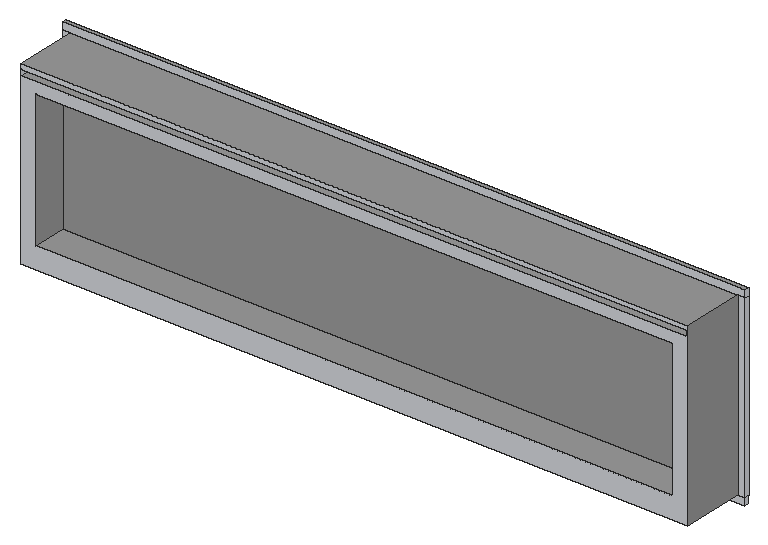
Revit family "Napoleon Entice™ 60 Electric Fireplace", category Electrical Fixtures, host Wall, Revit 2020
Family settings
  Host = Wall
  Maintain Annotation Orientation = No
  Round Connector Dimension = Use Diameter
  Part Type = Normal
  OmniClass Number = 23.80.00.00
  OmniClass Title = Electric Power and Lighting
  Always vertical = Yes
  Cut with Voids When Loaded = No
  Shared = No
  Room Calculation Point = No
Parameters
  Width = 1' - 3 11/16"
  WarrantyPeriod = 0
  WarrantyGuarantorParts = ""
  WarrantyGuarantorLabor = ""
  WarrantyDurationParts = 0
  WarrantyDurationLabor = 0
  WarrantyDescription = ""
  WarrantyContent = ""
  ThermalTransmittance = ""
  Size = ""
  Shape = ""
  Screen Width = 0' - 11 15/16"
  Screen Length = 4' - 7 3/4"
  ReplacementCost = 0
  Reference = ""
  ModelReference = ""
  ModelLabel = ""
  MaterialFrame = ""
  Material = ""
  Length = 4' - 10 7/16"
  Frame Length = 4' - 11 11/16"
  IsExternal = yes
  IsExtendedWarranty = 0
  Height = 0
  HandicapAccessible = yes
  Grade = ""
  GlobalTradeItemNumber = ""
  Frame Width = 1' - 4 15/16"
  FireRating = ""
  Finish = ""
  Features = ""
  ExpectedLife = ""
  DurabilityRating = ""
  Depth = 0' - 5 7/16"
  Default Elevation = 0' - 0"
  CreatedBy = ""
  ConstructionMethod = ""
  Color = ""
  CodePerformance = ""
  CoatingFrame = ""
  BatchReference = ""
  BarCode = 0
  AssemblyPlace = ""
  ArticleNumber = ""
  Area = 0
  AccessibilityPerformance = ""
Reference planes (in)
  plane 1: y = 0
  plane 2 "Center (Left/Right)": x = 0
  plane 3 "Back": y = 3
  plane 4 "Left": x = -29.84375
  plane 5 "Right": x = 29.84375
  plane 6 "Front": y = -5.4375
  plane 7: z = 88.09615
  plane 8: z = 71.15865
  plane 9: x = 29.21875
  plane 10: x = -29.21875
  plane 11: z = 87.47115
  plane 12: z = 71.78365
  plane 13: z = 79.6274
  plane 14: y = -5.0625
  plane 15: x = 27.875
  plane 16: x = -27.875
  plane 17: z = 73.65865
  plane 18: z = 85.59615
  plane 19: y = 5.8125
  plane 20: y = 5.4375
Forms (in)
  Extrusion 1, solid
    sketch origin (0, 3, 0) x (1, 0, 0) y (0, 0, 1)
      loop
        line (29.84375, 71.78365) -> (-29.84375, 71.78365) -> (-29.84375, 71.15865) -> (29.84375, 71.15865) -> (29.84375, 71.78365)
    from -2.8125 to -2.4375
  Extrusion 2, solid
    sketch origin (0, 3, 0) x (1, 0, 0) y (0, 0, 1)
      loop
        line (29.21875, 87.47115) -> (-29.21875, 87.47115) -> (-29.21875, 71.78365) -> (29.21875, 71.78365) -> (29.21875, 87.47115)
      loop
        line (29.13359, 87.08795) -> (-29.13281, 87.08795) -> (-29.13281, 86.53365) -> (29.13359, 86.53365) -> (29.13359, 87.08795)
      loop
        line (27.875, 85.59615) -> (-27.875, 85.59615) -> (-27.875, 73.65865) -> (27.875, 73.65865) -> (27.875, 85.59615)
    from 3 to -2.8125
  Extrusion 3, solid
    sketch origin (0, 3, 16.3125) x (1, 0, 0) y (0, 0, 1)
      loop
        line (29.84375, 71.78365) -> (-29.84375, 71.78365) -> (-29.84375, 71.15865) -> (29.84375, 71.15865) -> (29.84375, 71.78365)
    from -2.4375 to -2.8125
  Extrusion 4, solid
    sketch origin (0, 3, 0) x (1, 0, 0) y (0, 0, 1)
      loop
        line (29.84375, 87.47115) -> (29.21875, 87.47115) -> (29.21875, 71.78365) -> (29.84375, 71.78365) -> (29.84375, 87.47115)
      loop
        line (-29.21875, 87.47115) -> (-29.84375, 87.47115) -> (-29.84375, 71.78365) -> (-29.21875, 71.78365) -> (-29.21875, 87.47115)
    from -2.8125 to -2.4375
  Extrusion 5, solid
    sketch origin (0, 3, 0) x (1, 0, 0) y (0, 0, 1)
      loop
        line (27.875, 85.59615) -> (-27.875, 85.59615) -> (-27.875, 73.65865) -> (27.875, 73.65865) -> (27.875, 85.59615)
    from 0 to -2.8125
  Extrusion 6, solid
    sketch origin (0, 3, 0) x (1, 0, 0) y (0, 0, 1)
      loop
        line (29.13359, 87.08795) -> (-19.03834, 87.08795) -> (-19.03834, 86.53365) -> (29.13359, 86.53365) -> (29.13359, 87.08795)
    from -2.8125 to -2.4375
  Extrusion 7, solid
    sketch origin (0, 3, 0) x (1, 0, 0) y (0, 0, 1)
      loop
        circle (-21.94544, 86.7306) r 0.15714
    from -2.63097 to -2.4375
  Extrusion 8, solid
    sketch origin (-1.23141, 3, 0) x (1, 0, 0) y (0, 0, 1)
      loop
        circle (-21.94544, 86.7306) r 0.15714
    from -2.63097 to -2.4375
  Extrusion 9, solid
    sketch origin (-2.46283, 3, 0) x (1, 0, 0) y (0, 0, 1)
      loop
        circle (-21.94544, 86.7306) r 0.15714
    from -2.63097 to -2.4375
  Extrusion 10, solid
    sketch origin (-3.69424, 3, 0) x (1, 0, 0) y (0, 0, 1)
      loop
        circle (-21.94544, 86.7306) r 0.15714
    from -2.63097 to -2.4375
  Extrusion 11, solid
    sketch origin (-4.92566, 3, 0) x (1, 0, 0) y (0, 0, 1)
      loop
        circle (-21.94544, 86.7306) r 0.15714
    from -2.63097 to -2.4375
  Extrusion 12, solid
    sketch origin (0, 3, 0) x (1, 0, 0) y (0, 0, 1)
      loop
        line (-20.08976, 86.53365) -> (-20.08976, 86.86292) -> (-21.19544, 86.86292) -> (-21.19544, 86.53365) -> (-20.08976, 86.53365)
    from -2.63097 to -2.4375
  Extrusion 13, solid
    sketch origin (-48.17193, 3, 0) x (1, 0, 0) y (0, 0, 1)
      loop
        line (29.13359, 87.08795) -> (19.03912, 87.08795) -> (19.03912, 86.53365) -> (29.13359, 86.53365) -> (29.13359, 87.08795)
    from -2.4756 to -2.4375
Text (in)
  text "Placement Side" at (0, 40.15149, 123.01588), in view "Right"
  text "Placement Side" at (-67.42492, 19.31025, 0), in view "Ref. Level"
  text "Placement Side" at (0, 83.56746, 140.59947), in view "Left"
Dimensions and locks (in)
  locked: plane 3 "Back" to host wall
  "Frame Length": plane 5 "Right" to plane 4 "Left"
  equal spacing: plane 5 "Right", plane 2 "Center (Left/Right)", plane 4 "Left"
  "Frame Width": plane 8 to plane 7
  "Length": plane 10 to plane 9
  equal spacing: plane 10, plane 2 "Center (Left/Right)", plane 9
  Extrusion 1 to plane 9 = 0' - 0 5/8"
  "Width": plane 12 to plane 11
  equal spacing: plane 12, plane 13, plane 11
  plane 14 to plane 1 = 0' - 5 1/16"
  equal spacing: plane 15, plane 2 "Center (Left/Right)", plane 16
  "Screen Length": plane 15 to plane 16
  equal spacing: plane 17, plane 13, plane 18
  "Screen Width": plane 17 to plane 18
  "Depth": plane 1 to plane 20
  aligned and locked: plane 5 "Right" to Extrusion 1 sketch curve
  aligned and locked: Extrusion 1 sketch curve to plane 8
  aligned and locked: Extrusion 1 sketch curve to plane 4 "Left"
  aligned and locked: Extrusion 2 to plane 9
  aligned and locked: plane 11 to Extrusion 2
  aligned and locked: plane 10 to Extrusion 2
  aligned and locked: Extrusion 2 to plane 12
  aligned and locked: Extrusion 2 to host wall
  aligned and locked: plane 12 to Extrusion 1 sketch curve
  aligned and locked: Extrusion 3 to Extrusion 2  (x2)
  aligned and locked: plane 7 to Extrusion 3
  aligned and locked: Extrusion 3 to plane 4 "Left"
  aligned and locked: plane 5 "Right" to Extrusion 3
  aligned and locked: Extrusion 4 sketch curve to Extrusion 3  (x2)
  aligned and locked: Extrusion 2 to Extrusion 4 sketch curve  (x2)
  aligned and locked: Extrusion 4 sketch curve to Extrusion 2  (x2)
  aligned and locked: Extrusion 4 sketch curve to Extrusion 1  (x2)
  aligned and locked: Extrusion 5 to plane 18
  aligned and locked: plane 19 to Extrusion 2
  aligned and locked: plane 20 to Extrusion 3
  aligned and locked: Extrusion 5 to plane 3 "Back"
  aligned and locked: Extrusion 2 to Extrusion 5
  aligned and locked: Extrusion 1 to Extrusion 3
  aligned and locked: Extrusion 3 to Extrusion 1
  aligned and locked: Extrusion 4 to Extrusion 1  (x2)
  aligned and locked: Extrusion 3 to Extrusion 12
  aligned and locked: Extrusion 3 to Extrusion 7
  aligned and locked: Extrusion 2 sketch curve to Extrusion 5  (x4)
  aligned and locked: Extrusion 13 to Extrusion 2  (x3)
  aligned and locked: Extrusion 13 to Extrusion 6
Automatic sketch dimensions
  plane 10 to Extrusion 2 sketch curve = 0' - 0"
  plane 9 to Extrusion 2 sketch curve = 0' - 0"
  Extrusion 2 sketch curve to plane 12 = 0' - 0"
  Extrusion 2 sketch curve to plane 11 = 0' - 0"
  Extrusion 2 sketch curve to plane 10 = 0' - 0 11/128"
  plane 9 to Extrusion 2 sketch curve = 0' - 0.08516"
  Extrusion 2 sketch curve to plane 11 = 0' - 0 15/16"
  Extrusion 2 sketch curve to plane 11 = 0' - 0.3832"
  Extrusion 3 sketch curve to plane 4 "Left" = 0' - 0"
  Extrusion 3 sketch curve to plane 5 "Right" = 0' - 0"
  Extrusion 3 sketch curve to plane 11 = 0' - 0"
  Extrusion 3 sketch curve to plane 7 = 0' - 0"
  plane 16 to Extrusion 5 sketch curve = 0' - 0"
  Extrusion 5 sketch curve to plane 15 = 0' - 0"
  Extrusion 5 sketch curve to plane 17 = 0' - 0"
  Extrusion 5 sketch curve to plane 18 = 0' - 0"
  Extrusion 6 sketch curve to plane 11 = 0' - 0.3832"
  Extrusion 6 sketch curve to plane 16 = 0' - 8.83666"
  plane 9 to Extrusion 6 sketch curve = 0' - 0.08516"
  Extrusion 6 sketch curve to Extrusion 6 sketch curve = 0' - 0.5543"
  Extrusion 7 sketch curve to plane 11 = 0' - 0.74055"
  Extrusion 7 sketch curve to plane 16 = 0' - 5.92956"
  Extrusion 8 sketch curve to plane 11 = 0' - 0.74055"
  Extrusion 8 sketch curve to plane 16 = 0' - 4.69815"
  Extrusion 9 sketch curve to plane 11 = 0' - 0.74055"
  Extrusion 9 sketch curve to plane 16 = 0' - 3.46673"
  Extrusion 10 sketch curve to plane 11 = 0' - 0.74055"
  Extrusion 10 sketch curve to plane 16 = 0' - 2.23532"
  Extrusion 11 sketch curve to plane 16 = 0' - 1 1/256"
  Extrusion 11 sketch curve to plane 11 = 0' - 0.74055"
  Extrusion 12 sketch curve to plane 11 = 0' - 0 15/16"
  Extrusion 12 sketch curve to plane 16 = 0' - 6.67956"
  Extrusion 12 sketch curve to Extrusion 12 sketch curve = 0' - 1.10568"
  Extrusion 12 sketch curve to Extrusion 12 sketch curve = 0' - 0.32927"
  Extrusion 13 sketch curve to plane 11 = 0' - 0.3832"
  plane 4 "Left" to Extrusion 13 sketch curve = 0' - 0 91/128"
  Extrusion 13 sketch curve to plane 11 = 0' - 0 15/16"
  Extrusion 13 sketch curve to plane 16 = 0' - 8.83666"
  radius of Extrusion 7 sketch curve = 0' - 0.15714"
  radius of Extrusion 8 sketch curve = 0' - 0.15714"
  radius of Extrusion 9 sketch curve = 0' - 0.15714"
  radius of Extrusion 10 sketch curve = 0' - 0.15714"
  radius of Extrusion 11 sketch curve = 0' - 0.15714"
